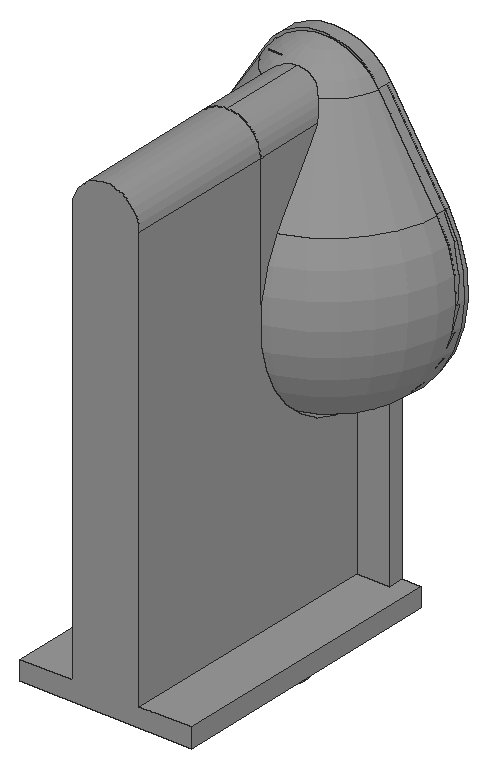
Revit family "Toilet-Willoughby-1490-ASETW-FM-TS", category Plumbing Fixtures, host Face, Revit 2014
Parameters (values of type "Standard")
  Waste DIA = 2 1/2"
  Waste Connection = yes
  W-RAD [instance] = Waste DIA / 2  # 0' - 1 1/4"
  Vent Connection = no
  URL = "www.willoughby-ind.com"
  Type Comments = "Blow Out Flush"
  Revision = "A"
  Model = "ETW-1490-FM-TS"
  Manufacturer = "Willoughby Industries"
  HW Connection = no
  Flush inlet DIA = 1 1/2"
  Flush Inlet Connection = yes
  Fixture Body = Stainless Steel AISI 304-Willoughby
  F-RAD [instance] = Flush inlet DIA / 2  # 0' - 0 3/4"
  Description = "Floor Mounted Toilet"
  Default Elevation = 0' - 0"
  Contact Number = "(800) 428-4065"
  CW Connection = no
Reference planes (in)
  plane 1 "Base": y = -16.25
  plane 2: z = 0
  plane 3 "Center": x = 18.31072
  plane 4 "Waste height": y = -4.75
  plane 5 "Seat HGT": y = -1.25
  plane 6: y = -2.125
  plane 7: x = 16.56072
  plane 8: x = 20.06072
  plane 9: x = 13.81072
  plane 10: x = 22.81072
  plane 11: z = 2.70924
  plane 12: z = -3
  plane 13: z = 25
Forms (in)
  Extrusion 1, solid, material "Stainless Steel AISI 304-Willoughby" <- "Fixture Body"
    sketch origin (16.08109, 7.47968, -7.1422) x (-1, 0, 0) y (0, 0, -1)
      loop
        line (1.29775, -16.80087) -> (1.29775, -7.1422) -> (-5.72963, -7.1422) -> (-5.72963, -16.81676)
        arc (-5.72963, -16.81676) -> (-8.98136, -21.11843) -> (-8.21015, -26.45542) r 7
        line (-8.21015, -26.45542) -> (-5.16818, -31.31054)
        arc (-5.16818, -31.31054) -> (-2.20225, -32.95225) -> (0.76368, -31.31054) r 3.5
        line (0.76368, -31.31054) -> (3.80565, -26.45542)
        arc (3.80565, -26.45542) -> (4.5729, -21.10311) -> (1.29775, -16.80087) r 7
      loop
        arc (2.03989, -24.70557) -> (-2.20225, -18.23804) -> (-6.44438, -24.70557) r 4.625
        line (-6.44438, -24.70557) -> (-4.04125, -30.23842)
        arc (-4.04125, -30.23842) -> (-2.20225, -31.45225) -> (-0.36324, -30.23842) r 2
        line (-0.36324, -30.23842) -> (2.03989, -24.70557)
    from 8.72968 to 9.5
  Revolve 2, solid, material "Stainless Steel AISI 304-Willoughby" <- "Fixture Body"
    sketch origin (19.37981, -1.52032, -3.93365) x (-1, 0, 0) y (0, 0, -1)
      loop
        line (1.06174, -12.59906) -> (1.06174, -12.84906)
        arc (1.06174, -12.84906) -> (6.96784, -16.33096) -> (6.78077, -23.18447) r 6.75
        line (6.78077, -23.18447) -> (5.22309, -25.66909)
        arc (5.22309, -25.66909) -> (3.40303, -27.84141) -> (1.06174, -29.43826) r 10.34445
        line (1.06174, -29.43826) -> (1.06174, -29.68826)
        arc (1.06174, -29.68826) -> (2.75672, -29.25045) -> (4.02767, -28.04656) r 3.5
        line (4.02767, -28.04656) -> (7.06964, -23.19143)
        arc (7.06964, -23.19143) -> (7.15052, -16.14555) -> (1.06174, -12.59906) r 7
      axis (1.06174, -12.59906) -> (1.06174, -29.68826)
    angle from 0 to -180
  Extrusion 3, solid, material "Stainless Steel AISI 304-Willoughby" <- "Fixture Body"
    sketch origin (19.53334, -3.02032, -4.9508) x (0, 1, 0) y (0, 0, 1)
      loop
        line (-5.27082, 4.9508) -> (1, 4.9508) -> (1, 13.80524)
        arc (1, 13.80524) -> (-3.15813, 15.45207) -> (-5.27082, 19.39398) r 6.50625
        line (-5.27082, 19.39398) -> (-5.27082, 4.9508)
    from 0.52738 to -2.97262
  Extrusion 4, solid, material "Stainless Steel AISI 304-Willoughby" <- "Fixture Body"
    sketch origin (0, 14.59309, 0) x (1, 0, 0) y (0, 1, 0)
      loop
        circle (18.31072, -19.34309) r 1.25
    from 5.5 to -3
  Extrusion 5, solid, material "Stainless Steel AISI 304-Willoughby" <- "Fixture Body"
    sketch origin (0, 1.11185, 0) x (1, 0, 0) y (0, 0, 1)
      loop
        circle (18.31072, 2.70924) r 0.75
    from 2.36185 to 1.42435
  Extrusion 6, solid, material "Stainless Steel AISI 304-Willoughby" <- "Fixture Body"
    sketch origin (0, -16.25, 0) x (1, 0, 0) y (0, 0, 1)
      loop
        line (22.81072, 0) -> (22.81072, 1) -> (13.81072, 1) -> (13.81072, 0) -> (22.81072, 0)
    from -15 to 0
  Extrusion 7, solid, material "Stainless Steel AISI 304-Willoughby" <- "Fixture Body"
    sketch origin (0, -16.25, 0) x (1, 0, 0) y (0, 0, 1)
      loop
        line (20.06072, 0) -> (20.06072, 23.23467)
        arc (20.06072, 23.23467) -> (18.31072, 24.98467) -> (16.56072, 23.23467) r 1.75
        line (16.56072, 23.23467) -> (16.56072, 0) -> (20.06072, 0)
    from 0 to -7.95886
  Extrusion 8, solid, material "Stainless Steel AISI 304-Willoughby" <- "Fixture Body"
    sketch origin (18.31072, 0, 0) x (0, 1, 0) y (0, 0, 1)
      loop
        line (-8.30956, 24.98711) -> (-8.30956, 16.43945)
        arc (-8.30956, 16.43945) -> (-7.89398, 17.78452) -> (-7.26296, 19.04298) r 8.53534
        arc (-7.26296, 19.04298) -> (-5.96181, 21.12816) -> (-4.62752, 23.19229) r 153.87584
        arc (-4.62752, 23.19229) -> (-4.20813, 24.22574) -> (-3.39314, 24.98711) r 2.59068
        line (-3.39314, 24.98711) -> (-8.30956, 24.98711)
    from -1.75 to 1.75
  Extrusion 9, void
    sketch origin (0, -16.25, 0) x (1, 0, 0) y (0, 0, 1)
      loop
        arc (18.32244, 24.98711) -> (19.55159, 24.47797) -> (20.06072, 23.24882) r 1.73828
        line (20.06072, 23.24882) -> (20.06072, 24.98711) -> (18.32244, 24.98711)
    from -13.39931 to -7.72232
  Extrusion 10, void
    sketch origin (0, -16.25, 0) x (1, 0, 0) y (0, 0, 1)
      loop
        line (16.56072, 24.98711) -> (16.56072, 23.38793)
        arc (16.56072, 23.38793) -> (17.12541, 24.5271) -> (18.31072, 24.98711) r 1.75711
        line (18.31072, 24.98711) -> (16.56072, 24.98711)
    from -12.84157 to -7.94044
Cuts and joins
  joined: Extrusion 1, Extrusion 3, Extrusion 4, Extrusion 6, Extrusion 7
  Extrusion 9, Extrusion 10 cuts Extrusion 8
Lines and regions (in)
  symbolic lines
    curve 1: line (11.28334, -2.02032, 0) -> (11.28334, -1.25, 0)
    curve 2: line (11.28334, -1.25, 0) -> (25.28334, -1.25, 0)
    curve 3: line (25.28334, -1.25, 0) -> (25.28334, -2.02032, 0)
    curve 4: arc (25.28334, -2.02032, 0) -> (23.0776, -6.6446, 0) -> (18.31072, -8.52239, 0) r 6.98983
    curve 5: arc (18.31072, -8.52239, 0) -> (13.52369, -6.64758, 0) -> (11.28334, -2.02032, 0) r 7.04842
    curve 6: line (22.81072, -6.88104, 0) -> (22.81072, -16.25, 0)
    curve 7: line (22.81072, -16.25, 0) -> (13.81072, -16.25, 0)
    curve 8: line (13.81072, -16.25, 0) -> (13.81072, -6.89908, 0)
    curve 9: line (16.56072, -8.30173, 0) -> (16.56072, -16.25, 0)
    curve 10: line (20.06072, -8.29974, 0) -> (20.06072, -16.25, 0)
    curve 11: line (14.78334, -16.25, 9.65867) -> (14.78334, -16.25, 1)
    curve 12: line (14.78334, -16.25, 1) -> (13.81072, -16.25, 1)
    curve 13: line (13.81072, -16.25, 1) -> (13.81072, -16.25, 0)
    curve 14: line (13.81072, -16.25, 0) -> (22.81072, -16.25, 0)
    curve 15: line (22.81072, -16.25, 0) -> (22.81072, -16.25, 1)
    curve 16: line (22.81072, -16.25, 1) -> (21.81072, -16.25, 1)
    curve 17: line (21.81072, -16.25, 1) -> (21.81072, -16.25, 9.67456)
    curve 18: arc (21.81072, -16.25, 9.67456) -> (25.08799, -16.25, 13.93608) -> (24.32597, -16.25, 19.25778) r 6.9206
    curve 19: line (24.32597, -16.25, 19.25778) -> (21.24927, -16.25, 24.16835)
    curve 20: arc (21.24927, -16.25, 24.16835) -> (19.97832, -16.25, 25.37224) -> (18.28334, -16.25, 25.81005) r 3.5
    curve 21: arc (18.28334, -16.25, 25.81005) -> (16.58835, -16.25, 25.37224) -> (15.31741, -16.25, 24.16835) r 3.5
    curve 22: line (15.31741, -16.25, 24.16835) -> (12.35249, -16.25, 19.43905)
    curve 23: arc (12.35249, -16.25, 19.43905) -> (11.49002, -16.25, 14.03241) -> (14.78334, -16.25, 9.65867) r 7
    curve 29: line (18.31072, -8.4296, 16.67525) -> (18.31072, -16.25, 16.67525)
    curve 30: line (18.31072, -16.25, 16.67525) -> (18.31072, -16.25, 0)
    curve 31: line (18.31072, -16.25, 0) -> (18.31072, -1.25, 0)
    curve 32: line (18.31072, -1.25, 0) -> (18.31072, -1.25, 25.81005)
    curve 33: line (18.31072, -1.25, 25.81005) -> (18.31072, -2.02032, 25.81005)
    curve 34: arc (18.31072, -2.02032, 25.81005) -> (18.31072, -3.29152, 25.30605) -> (18.31072, -4.30177, 24.38445) r 3.79748
    curve 35: line (18.31072, -4.30177, 24.38445) -> (18.31072, -7.52822, 19.25778)
    curve 36: arc (18.31072, -7.52822, 19.25778) -> (18.31072, -8.12539, 18.01764) -> (18.31072, -8.4296, 16.67525) r 6.10578
    curve 37: arc (18.31072, -8.4296, 16.67525) -> (18.31072, -8.31403, 15.24489) -> (18.31072, -8.29114, 13.81005) r 22.19593
    curve 38: arc (18.31072, -8.29114, 13.81005) -> (18.31072, -5.95289, 10.31029) -> (18.31072, -2.02032, 8.81005) r 6.92744
    curve 39: line (18.31072, -1.25, 9.65867) -> (18.31072, -2.02032, 9.65867)
    curve 40: line (18.31072, -2.02032, 9.65867) -> (18.31072, -2.02032, 1)
    curve 41: line (18.31072, -2.02032, 1) -> (18.31072, -16.25, 1)
    curve 42: line (20.06072, -8.29974, 0) -> (20.06072, -4.61725, 0)
    curve 43: arc (20.06072, -4.61725, 0) -> (19.34995, -3.84312, 0) -> (18.31072, -3.68676, 0) r 1.57857
    curve 44: arc (18.31072, -3.68676, 0) -> (17.30223, -3.87691, 0) -> (16.56072, -4.5864, 0) r 1.8036
    curve 45: line (16.56072, -4.5864, 0) -> (16.56072, -8.30173, 0)
    curve 46: line (18.31072, -8.30956, 24.98711) -> (18.31072, -3.72908, 24.98711)
  symbolic lines, detail levels fine
    curve 24: arc (14.0412, -16.25, 17.56337) -> (18.28334, -16.25, 11.09585) -> (22.52547, -16.25, 17.56337) r 4.625
    curve 25: line (22.52547, -16.25, 17.56337) -> (20.12234, -16.25, 23.09622)
    curve 26: arc (20.12234, -16.25, 23.09622) -> (19.38317, -16.25, 23.97635) -> (18.28334, -16.25, 24.31005) r 2.01767
    curve 27: arc (18.28334, -16.25, 24.31005) -> (17.17969, -16.25, 23.98213) -> (16.44433, -16.25, 23.09622) r 1.9827
    curve 28: line (16.44433, -16.25, 23.09622) -> (14.0412, -16.25, 17.56337)
Dimensions and locks (in)
  locked: plane 1 "Base" to plane 4 "Waste height" at 11.5
  locked: plane 1 "Base" to plane 5 "Seat HGT" at 15
  plane 9 to plane 3 "Center" = 0' - 4 1/2"
  plane 9 to plane 10 = 0' - 9"
  plane 13 to level = 2' - 1"
  "W-RAD": radius of Extrusion 4 sketch curve
  "F-RAD": radius of Extrusion 5 sketch curve
  aligned and locked: plane 2 to host face
  aligned and locked: level to host face
  aligned and locked: plane 3 "Center" to Extrusion 4 sketch curve
  aligned and locked: plane 4 "Waste height" to Extrusion 4 sketch curve
  aligned and locked: plane 3 "Center" to Extrusion 5 sketch curve
  aligned and locked: plane 11 to Extrusion 5 sketch curve
  aligned and locked: cut or joined group of Extrusion 1, Extrusion 3, Extrusion 4, Extrusion 6, Extrusion 7 to Extrusion 1  (x2)
  aligned and locked: Extrusion 1 to Revolve 2
Automatic sketch dimensions
  curve 20 to curve 21 = 0' - 0"  (x2)
  curve 23 to curve 24 = 0' - 0"  (x2)
  curve 14 to level = 0' - 0"
  curve 14 to plane 9 = 0' - 0"
  curve 15 to plane 10 = 0' - 0"
  curve 22 to plane 9 = 0' - 1.45823"
  plane 9 to curve 28 = 0' - 0 59/256"
  curve 12 to curve 11 = 0' - 0.97262"
  curve 22 to plane 7 = 0' - 1.24331"
  curve 28 to plane 7 = 0' - 0.11639"
  curve 26 to plane 3 "Center" = 0' - 0.03902"
  curve 26 to curve 27 = 0' - 0.0002"
  curve 24 to plane 3 "Center" = 0' - 0.02738"
  curve 27 to curve 21 = 0' - 0.01144"
  plane 3 "Center" to curve 18 = 0' - 0.08339"
  plane 8 to curve 25 = 0' - 0.06162"
  curve 19 to plane 13 = 0' - 0.83165"
  plane 8 to curve 19 = 0' - 1.18855"
  curve 17 to plane 10 = 0' - 1"
  curve 25 to plane 10 = 0' - 0.28525"
  plane 10 to curve 19 = 0' - 1.51526"
  level to curve 12 = 0' - 1"
  level to curve 16 = 0' - 1"
  plane 11 to curve 11 = 0' - 6.94943"
  plane 11 to curve 17 = 0' - 6.96532"
  curve 17 to curve 18 = 0' - 6.01843"
  curve 18 to curve 24 = 0' - 0.02786"
  curve 25 to curve 18 = 0' - 1.6944"
  curve 26 to plane 13 = 0' - 2.70758"
  curve 26 to curve 20 = 0' - 0.01763"
  curve 20 to curve 27 = 0' - 0.01733"
  curve 28 to curve 22 = 0' - 1.07212"
  curve 25 to curve 19 = 0' - 1.07212"
  host sketch curve to host sketch curve = 2' - 9.86022"
  host sketch curve to host sketch curve = 2' - 9.24801"
  Extrusion 1 sketch curve to Extrusion 1 sketch curve = 0' - 0"  (x8)
  Extrusion 1 sketch curve to level = 0' - 0"
  plane 10 to Extrusion 1 sketch curve = 0' - 1.48052"
  Extrusion 1 sketch curve to plane 10 = 0' - 0.28525"
  Extrusion 1 sketch curve to plane 10 = 0' - 1"
  plane 8 to Extrusion 1 sketch curve = 0' - 1.18855"
  plane 8 to Extrusion 1 sketch curve = 0' - 0.06162"
  Extrusion 1 sketch curve to plane 3 "Center" = 0' - 0.02738"  (x2)
  Extrusion 1 sketch curve to plane 7 = 0' - 0.11639"
  Extrusion 1 sketch curve to plane 13 = 0' - 0.83165"
  Extrusion 1 sketch curve to plane 7 = 0' - 1.24331"
  plane 9 to Extrusion 1 sketch curve = 0' - 0.97262"
  plane 9 to Extrusion 1 sketch curve = 0' - 0 59/256"
  Extrusion 1 sketch curve to plane 9 = 0' - 1.53528"
  Extrusion 1 sketch curve to Extrusion 1 sketch curve = 0' - 1.07212"
  Extrusion 1 sketch curve to Extrusion 1 sketch curve = 0' - 0.78617"
  Extrusion 1 sketch curve to Extrusion 1 sketch curve = 0' - 3.783"  (x2)
  Extrusion 1 sketch curve to Extrusion 1 sketch curve = 0' - 1.74985"
  Extrusion 1 sketch curve to Extrusion 1 sketch curve = 0' - 1.84253"
  Extrusion 3 sketch curve to level = 0' - 0"
  plane 4 "Waste height" to Extrusion 3 sketch curve = 0' - 3.54114"
  plane 6 to Extrusion 3 sketch curve = 0' - 0.10468"
  plane 6 to Extrusion 3 sketch curve = 0' - 0.27542"
  plane 11 to Extrusion 3 sketch curve = 0' - 6.1452"
  Extrusion 3 sketch curve to Extrusion 3 sketch curve = 0' - 5.58874"
  Extrusion 6 sketch curve to level = 0' - 0"
  Extrusion 6 sketch curve to plane 9 = 0' - 0"
  Extrusion 6 sketch curve to plane 10 = 0' - 0"
  level to Extrusion 6 sketch curve = 0' - 1"
  Extrusion 7 sketch curve to level = 0' - 0"
  Extrusion 7 sketch curve to plane 7 = 0' - 0"
  Extrusion 7 sketch curve to plane 3 "Center" = 0' - 0"
  Extrusion 7 sketch curve to plane 13 = 0' - 1.76533"
  Extrusion 8 sketch curve to plane 13 = 0' - 0.01289"
  plane 4 "Waste height" to Extrusion 8 sketch curve = 0' - 3.55956"
  Extrusion 8 sketch curve to plane 6 = 0' - 1.26814"
  plane 6 to Extrusion 8 sketch curve = 0' - 0.05145"
  Extrusion 8 sketch curve to plane 5 "Seat HGT" = 0' - 1.27544"
  Extrusion 8 sketch curve to plane 12 = 4' - 10.37203"
  Extrusion 8 sketch curve to plane 5 "Seat HGT" = 10' - 5.1785"
  Extrusion 8 sketch curve to plane 13 = 0' - 10.39901"
  Extrusion 8 sketch curve to Extrusion 8 sketch curve = 0' - 8.54766"
  Extrusion 8 sketch curve to plane 13 = 0' - 2.24231"
  plane 4 "Waste height" to Extrusion 8 sketch curve = 0' - 2.51296"
  Extrusion 9 sketch curve to plane 8 = 0' - 0"
  plane 3 "Center" to Extrusion 9 sketch curve = 0' - 0 3/256"
  Extrusion 9 sketch curve to plane 13 = 0' - 1.75118"
  Revolve 2 sketch curve to Revolve 2 sketch curve = 0' - 0"  (x2)
  plane 10 to Revolve 2 sketch curve = 0' - 0.11048"
  plane 3 "Center" to Revolve 2 sketch curve = 0' - 0.00736"  (x3)
  Revolve 2 sketch curve to plane 13 = 0' - 0.88709"
  Revolve 2 sketch curve to plane 7 = 0' - 1.20857"
  plane 9 to Revolve 2 sketch curve = 0' - 0.346"
  Revolve 2 sketch curve to plane 9 = 0' - 1.21168"
  Revolve 2 sketch curve to Revolve 2 sketch curve = 0' - 0.28887"
  plane 13 to Revolve 2 sketch curve = 0' - 0.50461"
  Revolve 2 sketch curve to Revolve 2 sketch curve = 0' - 0 1/4"
  Revolve 2 sketch curve to Revolve 2 sketch curve = 0' - 2.37746"
  Revolve 2 sketch curve to Revolve 2 sketch curve = 0' - 2.47766"
  Revolve 2 sketch curve to Revolve 2 sketch curve = 0' - 0.00696"
  Revolve 2 sketch curve to Revolve 2 sketch curve = 0' - 0.57536"
  Revolve 2 sketch curve to Revolve 2 sketch curve = 0' - 3 1/4"
  Revolve 2 sketch curve to Revolve 2 sketch curve = 0' - 2.4108"
  Extrusion 10 sketch curve to plane 7 = 0' - 0"
  Extrusion 10 sketch curve to plane 3 "Center" = 0' - 0"
  Extrusion 10 sketch curve to plane 13 = 0' - 0.01289"
  Extrusion 10 sketch curve to Extrusion 10 sketch curve = 0' - 1.59918"
  plane 5 "Seat HGT" to curve 1 = 0' - 0"
  plane 1 "Base" to curve 7 = 0' - 0"
  curve 7 to plane 9 = 0' - 0"
  curve 9 to plane 7 = 0' - 0"
  curve 4 to plane 3 "Center" = 0' - 0"
  curve 44 to plane 3 "Center" = 0' - 0"
  curve 10 to plane 8 = 0' - 0"
  curve 43 to plane 8 = 0' - 0"
  curve 6 to plane 10 = 0' - 0"
  curve 5 to plane 3 "Center" = 0' - 0"
  plane 6 to curve 1 = 0' - 0.10468"
  curve 1 to plane 9 = 0' - 2.52738"
  curve 44 to plane 3 "Center" = 0' - 0.18388"
  curve 5 to plane 3 "Center" = 0' - 0.00017"
  plane 3 "Center" to curve 43 = 0' - 0.29814"
  plane 10 to curve 3 = 0' - 2.47262"
  plane 4 "Waste height" to curve 44 = 0' - 0.73096"
  plane 4 "Waste height" to curve 43 = 0' - 0.48692"
  curve 42 to plane 4 "Waste height" = 0' - 0.13275"
  plane 6 to curve 3 = 0' - 0.10468"
  plane 5 "Seat HGT" to curve 4 = 0' - 0.28257"
  curve 45 to curve 9 = 0' - 0"
  curve 30 to plane 1 "Base" = 0' - 0"
  curve 33 to plane 5 "Seat HGT" = 0' - 0"
  curve 32 to level = 0' - 0"
  plane 1 "Base" to curve 37 = 1' - 2.23409"
  plane 4 "Waste height" to curve 29 = 0' - 3.6796"
  curve 36 to curve 35 = 0' - 0.90137"
  curve 35 to plane 4 "Waste height" = 0' - 0.44823"
  curve 36 to plane 6 = 0' - 0.23566"
  plane 6 to curve 33 = 0' - 0.10468"
  plane 6 to curve 40 = 0' - 0.10468"
  plane 5 "Seat HGT" to curve 38 = 0' - 0.38413"
  plane 5 "Seat HGT" to curve 34 = 0' - 0.02916"
  level to curve 40 = 0' - 1"
  plane 11 to curve 39 = 0' - 6.94943"
  curve 37 to plane 13 = 0' - 10.82646"
  curve 39 to curve 38 = 0' - 6.06805"
  curve 38 to curve 36 = 0' - 0.27887"
  curve 29 to plane 13 = 0' - 8.32475"
  curve 35 to plane 13 = 0' - 0.61555"
  curve 46 to plane 13 = 0' - 0.01289"
  plane 4 "Waste height" to curve 46 = 0' - 3.55956"
  curve 37 to curve 38 = 0' - 0.13846"
  curve 34 to curve 46 = 0' - 0.57268"
Connectors (in)
  piping at (18.31072, -4.75, -3), diameter 2.5, driven by "W-RAD", driven by "Waste Connection"
    settings: on Extrusion 4, index 1, connector inside diameter 2 1/2", connector length 0' - 0", flow factor 0, pipe flow 0 GPM, pressure drop 0.00 psi, fitting loss kfactor 0, connector angle 0.00°, fixture units 0, engagement length 0' - 0", angle of deflection 0.00°, flow configuration 0, flow direction 2, fitting loss method 0, system type 16, joint type 0, gender type 0, connector reference index -1, connector utility 1, adjustable connector yes, is connector primary yes, connector description "Toilet Waste"
  piping at (18.31072, -0.3125, 2.70924), diameter 1.5, driven by "F-RAD", driven by "Flush Inlet Connection"
    settings: on Extrusion 5, index 2, connector inside diameter 1 1/2", connector length 0' - 0", flow factor 0, pipe flow 0 GPM, pressure drop 0.00 psi, fitting loss kfactor 0, connector angle 0.00°, fixture units 0, engagement length 0' - 0", angle of deflection 0.00°, flow configuration 0, flow direction 1, fitting loss method 0, system type 20, joint type 0, gender type 0, connector reference index -1, connector utility 1, adjustable connector no, is connector primary no, connector description "Flush Inlet"
